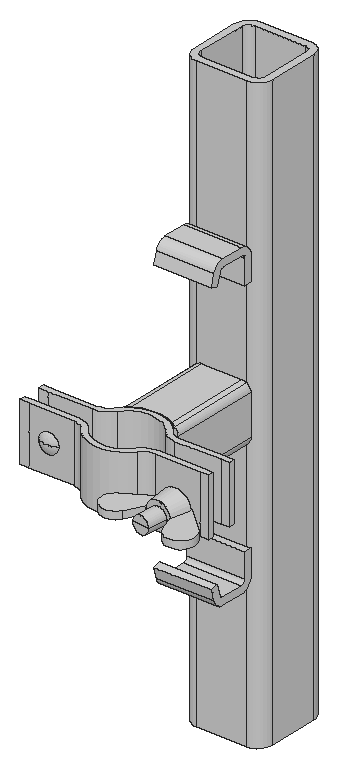
Revit family "CC4_HANDRAIL SUPPORT SH_1870512", category Generic Models, Revit 2018
Family settings
  Can host rebar = No
  Round Connector Dimension = Use Diameter
  Part Type = Normal
  OmniClass Number = 35.51.14.00
  OmniClass Title = FORMWORK
  Work Plane-Based = Yes
  Always vertical = No
  Cut with Voids When Loaded = No
  Shared = Yes
  Room Calculation Point = No
Parameters
  VERSION = "20170217"  # constant formula
  URL = "www.ulmaconstruction.com/en"
  UNICLASS = ""
  Manufacturer = "ULMA CONSTRUCTION"  # constant formula
  ITEM_CODE = "1870512"
  FILTER [instance] = ""
  Default Elevation = 0.000 mm
  CLASSIFICATION_TITLE = ""
  CLASSIFICATION_NUMBER = ""
Reference planes
  plane 1 "Centro (Frontal/Posterior)": y = 0
  plane 2: z = 0
  plane 3 "Centro (Izquierda/Derecha)": x = 0
Forms (mm)
  Extrusion 1, solid, material "ULMA ZINC", detail levels fine
    sketch origin (0, 0, 0) x (1, 0, 0) y (0, 1, 0)
      loop
        arc (27.5, 127.5) -> (24.571, 134.571) -> (17.5, 137.5) r 10
        line (17.5, 137.5) -> (-17.5, 137.5)
        arc (-17.5, 137.5) -> (-24.571, 134.571) -> (-27.5, 127.5) r 10
        line (-27.5, 127.5) -> (-27.5, 92.5)
        arc (-27.5, 92.5) -> (-24.571, 85.429) -> (-17.5, 82.5) r 10
        line (-17.5, 82.5) -> (17.5, 82.5)
        arc (17.5, 82.5) -> (24.571, 85.429) -> (27.5, 92.5) r 10
        line (27.5, 92.5) -> (27.5, 127.5)
      loop
        arc (17.5, 87.5) -> (21.036, 88.964) -> (22.5, 92.5) r 5
        line (22.5, 92.5) -> (22.5, 127.5)
        arc (22.5, 127.5) -> (21.036, 131.036) -> (17.5, 132.5) r 5
        line (17.5, 132.5) -> (-17.5, 132.5)
        arc (-17.5, 132.5) -> (-21.036, 131.036) -> (-22.5, 127.5) r 5
        line (-22.5, 127.5) -> (-22.5, 92.5)
        arc (-22.5, 92.5) -> (-21.036, 88.964) -> (-17.5, 87.5) r 5
        line (-17.5, 87.5) -> (17.5, 87.5)
    from 0 to -413
  Extrusion 2, solid, material "ULMA ZINC", detail levels fine
    sketch origin (0, 0, 0) x (0, 1, 0) y (0, 0, 1)
      loop
        arc (74.5, -104) -> (76.621, -104.879) -> (77.5, -107) r 3
        line (77.5, -107) -> (77.5, -124) -> (82.5, -124) -> (82.5, -107)
        arc (82.5, -107) -> (80.157, -101.343) -> (74.5, -99) r 8
        line (74.5, -99) -> (58.478, -99)
        arc (58.478, -99) -> (53.606, -100.654) -> (50.749, -104.933) r 8
        line (50.749, -104.933) -> (48.67, -112.708) -> (53.5, -114) -> (55.579, -106.225)
        arc (55.579, -106.225) -> (56.651, -104.62) -> (58.478, -104) r 3
        line (58.478, -104) -> (74.5, -104)
      loop
        line (58.478, -314) -> (74.5, -314)
        arc (74.5, -314) -> (80.157, -311.657) -> (82.5, -306) r 8
        line (82.5, -306) -> (82.5, -289) -> (77.5, -289) -> (77.5, -306)
        arc (77.5, -306) -> (76.621, -308.121) -> (74.5, -309) r 3
        line (74.5, -309) -> (58.478, -309)
        arc (58.478, -309) -> (56.651, -308.38) -> (55.579, -306.775) r 3
        line (55.579, -306.775) -> (53.5, -299) -> (48.67, -300.292) -> (50.749, -308.067)
        arc (50.749, -308.067) -> (53.606, -312.346) -> (58.478, -314) r 8
    from -20 to 20
  Extrusion 3, solid, material "ULMA ZINC", detail levels fine
    sketch origin (0, 0, 0) x (1, 0, 0) y (0, 0, 1)
      loop
        line (14, -186.5) -> (-14, -186.5)
        arc (-14, -186.5) -> (-15.73, -186.755) -> (-17.313, -187.498) r 6
        arc (-17.313, -187.498) -> (-19.286, -189.661) -> (-20, -192.5) r 6
        line (-20, -192.5) -> (-20, -220.5)
        arc (-20, -220.5) -> (-19.286, -223.339) -> (-17.313, -225.502) r 6
        arc (-17.313, -225.502) -> (-15.73, -226.245) -> (-14, -226.5) r 6
        line (-14, -226.5) -> (14, -226.5)
        arc (14, -226.5) -> (15.73, -226.245) -> (17.313, -225.502) r 6
        arc (17.313, -225.502) -> (19.286, -223.339) -> (20, -220.5) r 6
        line (20, -220.5) -> (20, -192.5)
        arc (20, -192.5) -> (19.286, -189.661) -> (17.313, -187.498) r 6
        arc (17.313, -187.498) -> (15.73, -186.755) -> (14, -186.5) r 6
    from -82.5 to -19.5
  Extrusion 4, void
    sketch origin (0, 0, 0) x (1, 0, 0) y (0, 1, 0)
      loop
        arc (-14, 21.533) -> (-15.69, 20.57) -> (-17.313, 19.5) r 30
        line (-17.313, 19.5) -> (17.313, 19.5)
        arc (17.313, 19.5) -> (15.69, 20.57) -> (14, 21.533) r 30
        arc (14, 21.533) -> (0, 25) -> (-14, 21.533) r 30
    from -226.5 to -186.5
  Extrusion 5, solid, material "ULMA ZINC", detail levels fine
    sketch origin (0, 0, 0) x (1, 0, 0) y (0, 1, 0)
      loop
        arc (-28.511, 6.5) -> (-22.037, 8.052) -> (-16.971, 12.369) r 14.28
        arc (-16.971, 12.369) -> (0, 21) -> (16.971, 12.369) r 21
        arc (16.971, 12.369) -> (22.037, 8.052) -> (28.511, 6.5) r 14.28
        line (28.511, 6.5) -> (59.723, 6.5) -> (66, 6.5) -> (66, 10.5) -> (59.723, 10.5) -> (28.511, 10.5)
        arc (28.511, 10.5) -> (23.851, 11.617) -> (20.203, 14.725) r 10.28
        arc (20.203, 14.725) -> (0, 25) -> (-20.203, 14.725) r 25
        arc (-20.203, 14.725) -> (-23.851, 11.617) -> (-28.511, 10.5) r 10.28
        line (-28.511, 10.5) -> (-59.723, 10.5) -> (-66, 10.5) -> (-66, 6.5) -> (-59.723, 6.5) -> (-28.511, 6.5)
      loop
        arc (-17.13, -12.147) -> (-22.14, -7.764) -> (-28.593, -6.128) r 14.28
        line (-28.593, -6.128) -> (-59.802, -5.722) -> (-66.079, -5.64) -> (-66.131, -9.64) -> (-59.855, -9.721) -> (-28.645, -10.128)
        arc (-28.645, -10.128) -> (-24, -11.305) -> (-20.393, -14.461) r 10.28
        arc (-20.393, -14.461) -> (-0.326, -24.998) -> (20.01, -14.987) r 25
        arc (20.01, -14.987) -> (23.697, -11.927) -> (28.372, -10.87) r 10.28
        line (28.372, -10.87) -> (59.581, -11.277) -> (65.858, -11.359) -> (65.91, -7.359) -> (59.633, -7.277) -> (28.424, -6.871)
        arc (28.424, -6.871) -> (21.931, -8.338) -> (16.808, -12.589) r 14.28
        arc (16.808, -12.589) -> (-0.274, -20.998) -> (-17.13, -12.147) r 21
    from -226.5 to -186.5
  Extrusion 6, solid, material "ULMA ZINC", detail levels fine
    sketch origin (0, 0, 0) x (1, 0, 0) y (0, 1, 0)
      loop
        arc (12.878, -23.48) -> (11.32, -39.213) -> (26.943, -36.793) r 10
        line (26.943, -36.793) -> (33.337, -25.244) -> (32.564, -11.123) -> (12.878, -23.48)
      loop
        line (72.718, -28.716) -> (55.477, -13.128) -> (52.264, -26.9) -> (56.555, -39.384)
        arc (56.555, -39.384) -> (71.52, -44.479) -> (72.718, -28.716) r 10
    from -216 to -211
  Revolve 7, solid, material "ULMA ZINC", detail levels fine
    sketch origin (0, 0, -206.5) x (1, 0, 0) y (0, 1, 0)
      loop
        line (-50.5, 10.5) -> (-50.5, -10) -> (-52.825, -10)
        arc (-52.825, -10) -> (-49.591, -11.667) -> (-46, -12.25) r 11.595
        line (-46, -12.25) -> (-46, 12.75)
        arc (-46, 12.75) -> (-49.591, 12.167) -> (-52.825, 10.5) r 11.595
        line (-52.825, 10.5) -> (-50.5, 10.5)
      axis (-46, 12.75) -> (-46, -12.25)
    angle from 0 to 360
  Revolve 8, solid, material "ULMA ZINC", detail levels fine
    sketch origin (0, 0, -213.5) x (1, 0, 0) y (0, 1, 0)
      loop
        line (39.985, 10.587) -> (38.043, -11.602) -> (32.564, -11.123) -> (33.337, -25.244) -> (36.823, -25.549) -> (35.627, -39.223) -> (41.604, -39.746) -> (45.962, 10.064) -> (39.985, 10.587)
      axis (45.962, 10.064) -> (41.604, -39.746)
    angle from 0 to 360
  Extrusion 9, solid, material "ULMA ZINC", detail levels medium
    sketch origin (0, 0, 0) x (1, 0, 0) y (0, 1, 0)
      loop
        line (27.5, 137.5) -> (-27.5, 137.5) -> (-27.5, 82.5) -> (27.5, 82.5) -> (27.5, 137.5)
    from 0 to -413
  Extrusion 10, solid, material "ULMA ZINC", detail levels medium
    sketch origin (0, 0, 0) x (0, 1, 0) y (0, 0, 1)
      loop
        line (53.5, -104) -> (82.5, -104) -> (82.5, -99) -> (53.5, -99) -> (53.5, -104)
      loop
        line (53.5, -314) -> (82.5, -314) -> (82.5, -309) -> (53.5, -309) -> (53.5, -314)
    from -20 to 20
  Extrusion 11, solid, material "ULMA ZINC", detail levels medium
    sketch origin (0, 0, 0) x (1, 0, 0) y (0, 1, 0)
      loop
        line (0, 82.5) -> (-22, 82.5) -> (-22, 0) -> (22, 0) -> (22, 82.5) -> (0, 82.5)
    from -186.5 to -226.5
  Extrusion 12, void
    sketch origin (0, 0, 0) x (1, 0, 0) y (0, 1, 0)
      loop
        line (20, 21) -> (-20, 21) -> (-20, 0) -> (20, 0) -> (20, 21)
    from -226.5 to -186.5
Cuts and joins
  Extrusion 4 cuts Extrusion 3
  Extrusion 12 cuts Extrusion 11
Lines and regions (mm)
  model lines, style "ULMA HANDRAIL", detail levels fine
    curve 1: arc (32.002, -10.918, -226.5) -> (45.858, -11.098, -194.5) -> (59.713, -11.279, -226.5) r 19
    curve 2: arc (34.904, -10.956, -226.5) -> (45.857, -11.098, -196.5) -> (56.811, -11.241, -226.5) r 17
    curve 3: line (52.017, -11.178, -221.754) -> (51.399, -11.17, -225.259)
    curve 4: line (51.18, -11.168, -226.5) -> (52.017, -11.178, -221.754)
    curve 5: arc (53.243, -11.194, -214.802) -> (47.16, -11.115, -206.114) -> (38.472, -11.002, -212.198) r 7.5
    curve 6: line (52.017, -11.178, -221.754) -> (53.243, -11.194, -214.802)
    curve 7: line (51.18, -11.168, -226.5) -> (52.017, -11.178, -221.754)
    curve 8: line (36.686, -10.979, -222.33) -> (38.472, -11.002, -212.198)
    curve 9: line (35.951, -10.969, -226.5) -> (36.629, -10.978, -222.655)
    curve 10: arc (32.002, -10.918, -226.5) -> (45.858, -11.098, -194.5) -> (59.713, -11.279, -226.5) r 19
    curve 11: arc (34.904, -10.956, -226.5) -> (45.857, -11.098, -196.5) -> (56.811, -11.241, -226.5) r 17
    curve 12: line (52.017, -11.178, -221.754) -> (51.399, -11.17, -225.259)
    curve 13: arc (53.243, -11.194, -214.802) -> (47.16, -11.115, -206.114) -> (38.472, -11.002, -212.198) r 7.5
    curve 14: line (52.017, -11.178, -221.754) -> (53.243, -11.194, -214.802)
    curve 15: line (36.686, -10.979, -222.33) -> (38.472, -11.002, -212.198)
    curve 16: circle (27.5, 110, -333) r 9 normal (-1, 0, 0)
    curve 17: circle (-27.5, 110, -333) r 9 normal (-1, 0, 0)
    curve 18: circle (-27.5, 110, -80) r 9 normal (-1, 0, 0)
    curve 19: circle (27.5, 110, -80) r 9 normal (-1, 0, 0)
  model lines, style "ULMA HANDRAIL", detail levels coarse
    curve 20: line (-27.5, 137.5, 0) -> (27.5, 137.5, 0)
    curve 21: line (-27.5, 0, 0) -> (-27.5, 137.5, 0)
    curve 22: line (27.5, 0, 0) -> (-27.5, 0, 0)
    curve 23: line (27.5, 137.5, 0) -> (27.5, 0, 0)
    curve 24: line (0, 120, 0) -> (0, 100, 0)
    curve 25: line (-10, 110, 0) -> (10, 110, 0)
Dimensions and locks
  aligned and locked: level to plane 2
